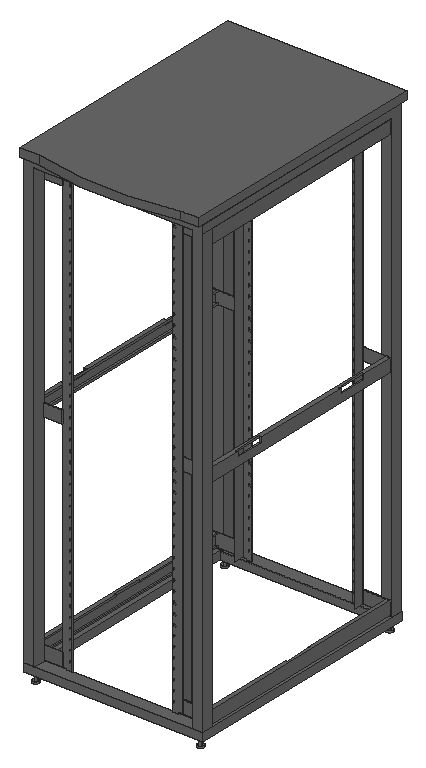
Revit family "V82A-45U-Without Doors-05.04.14", category Electrical Equipment, Revit 2013 (continued)
Lines and regions (mm)
  model lines
    curve 618: line (471.489, 630.074, 2152.227) -> (475.489, 630.074, 2152.227)
    curve 619: line (475.489, 630.074, 2152.227) -> (475.489, 628.074, 2152.227)
    curve 620: line (475.489, 628.074, 2152.227) -> (481.489, 628.074, 2152.227)
    curve 621: line (485.489, 633.074, 2152.227) -> (485.489, 630.074, 2152.227)
    curve 622: line (485.489, 630.074, 2152.227) -> (481.489, 630.074, 2152.227)
    curve 623: line (481.489, 630.074, 2152.227) -> (481.489, 628.074, 2152.227)
    curve 624: line (471.489, 633.074, 2152.227) -> (475.489, 633.074, 2152.227)
    curve 625: line (475.489, 633.074, 2152.227) -> (475.489, 635.074, 2152.227)
    curve 626: line (475.489, 635.074, 2152.227) -> (481.489, 635.074, 2152.227)
    curve 627: line (485.489, 633.074, 2152.227) -> (481.489, 633.074, 2152.227)
    curve 628: line (481.489, 633.074, 2152.227) -> (481.489, 635.074, 2152.227)
    curve 629: line (471.489, 188.074, 2152.227) -> (471.489, 191.074, 2152.227)
    curve 630: line (471.489, 191.074, 2152.227) -> (475.489, 191.074, 2152.227)
    curve 631: line (475.489, 191.074, 2152.227) -> (475.489, 193.074, 2152.227)
    curve 632: line (475.489, 193.074, 2152.227) -> (481.489, 193.074, 2152.227)
    curve 633: line (485.489, 188.074, 2152.227) -> (485.489, 191.074, 2152.227)
    curve 634: line (485.489, 191.074, 2152.227) -> (481.489, 191.074, 2152.227)
    curve 635: line (481.489, 191.074, 2152.227) -> (481.489, 193.074, 2152.227)
    curve 636: line (471.489, 188.074, 2152.227) -> (475.489, 188.074, 2152.227)
    curve 637: line (475.489, 188.074, 2152.227) -> (475.489, 186.074, 2152.227)
    curve 638: line (475.489, 186.074, 2152.227) -> (481.489, 186.074, 2152.227)
    curve 639: line (485.489, 188.074, 2152.227) -> (481.489, 188.074, 2152.227)
    curve 640: line (481.489, 188.074, 2152.227) -> (481.489, 186.074, 2152.227)
    curve 641: line (471.489, 120.074, 2152.227) -> (471.489, 123.074, 2152.227)
    curve 642: line (471.489, 123.074, 2152.227) -> (475.489, 123.074, 2152.227)
    curve 643: line (475.489, 123.074, 2152.227) -> (475.489, 125.074, 2152.227)
    curve 644: line (475.489, 125.074, 2152.227) -> (481.489, 125.074, 2152.227)
    curve 645: line (485.489, 120.074, 2152.227) -> (485.489, 123.074, 2152.227)
    curve 646: line (485.489, 123.074, 2152.227) -> (481.489, 123.074, 2152.227)
    curve 647: line (481.489, 123.074, 2152.227) -> (481.489, 125.074, 2152.227)
    curve 648: line (471.489, 120.074, 2152.227) -> (475.489, 120.074, 2152.227)
    curve 649: line (475.489, 120.074, 2152.227) -> (475.489, 118.074, 2152.227)
    curve 650: line (475.489, 118.074, 2152.227) -> (481.489, 118.074, 2152.227)
    curve 651: line (485.489, 120.074, 2152.227) -> (481.489, 120.074, 2152.227)
    curve 652: line (481.489, 120.074, 2152.227) -> (481.489, 118.074, 2152.227)
    curve 653: line (471.489, 157.074, 2152.227) -> (471.489, 154.074, 2152.227)
    curve 654: line (471.489, 154.074, 2152.227) -> (475.489, 154.074, 2152.227)
    curve 655: line (475.489, 154.074, 2152.227) -> (475.489, 152.074, 2152.227)
    curve 656: line (475.489, 152.074, 2152.227) -> (481.489, 152.074, 2152.227)
    curve 657: line (485.489, 157.074, 2152.227) -> (485.489, 154.074, 2152.227)
    curve 658: line (485.489, 154.074, 2152.227) -> (481.489, 154.074, 2152.227)
    curve 659: line (481.489, 154.074, 2152.227) -> (481.489, 152.074, 2152.227)
    curve 660: line (471.489, 157.074, 2152.227) -> (475.489, 157.074, 2152.227)
    curve 661: line (475.489, 157.074, 2152.227) -> (475.489, 159.074, 2152.227)
    curve 662: line (475.489, 159.074, 2152.227) -> (481.489, 159.074, 2152.227)
    curve 663: line (485.489, 157.074, 2152.227) -> (481.489, 157.074, 2152.227)
    curve 664: line (481.489, 157.074, 2152.227) -> (481.489, 159.074, 2152.227)
    curve 665: line (471.489, 429.074, 2152.227) -> (471.489, 426.074, 2152.227)
    curve 666: line (471.489, 426.074, 2152.227) -> (475.489, 426.074, 2152.227)
    curve 667: line (475.489, 426.074, 2152.227) -> (475.489, 424.074, 2152.227)
    curve 668: line (475.489, 424.074, 2152.227) -> (481.489, 424.074, 2152.227)
    curve 669: line (485.489, 429.074, 2152.227) -> (485.489, 426.074, 2152.227)
    curve 670: line (485.489, 426.074, 2152.227) -> (481.489, 426.074, 2152.227)
    curve 671: line (481.489, 426.074, 2152.227) -> (481.489, 424.074, 2152.227)
    curve 672: line (471.489, 429.074, 2152.227) -> (475.489, 429.074, 2152.227)
    curve 673: line (475.489, 429.074, 2152.227) -> (475.489, 431.074, 2152.227)
    curve 674: line (475.489, 431.074, 2152.227) -> (481.489, 431.074, 2152.227)
    curve 675: line (485.489, 429.074, 2152.227) -> (481.489, 429.074, 2152.227)
    curve 676: line (481.489, 429.074, 2152.227) -> (481.489, 431.074, 2152.227)
    curve 677: line (471.489, 392.074, 2152.227) -> (471.489, 395.074, 2152.227)
    curve 678: line (471.489, 395.074, 2152.227) -> (475.489, 395.074, 2152.227)
    curve 679: line (475.489, 395.074, 2152.227) -> (475.489, 397.074, 2152.227)
    curve 680: line (475.489, 397.074, 2152.227) -> (481.489, 397.074, 2152.227)
    curve 681: line (485.489, 392.074, 2152.227) -> (485.489, 395.074, 2152.227)
    curve 682: line (485.489, 395.074, 2152.227) -> (481.489, 395.074, 2152.227)
    curve 683: line (481.489, 395.074, 2152.227) -> (481.489, 397.074, 2152.227)
    curve 684: line (471.489, 392.074, 2152.227) -> (475.489, 392.074, 2152.227)
    curve 685: line (475.489, 392.074, 2152.227) -> (475.489, 390.074, 2152.227)
    curve 686: line (475.489, 390.074, 2152.227) -> (481.489, 390.074, 2152.227)
    curve 687: line (485.489, 392.074, 2152.227) -> (481.489, 392.074, 2152.227)
    curve 688: line (481.489, 392.074, 2152.227) -> (481.489, 390.074, 2152.227)
    curve 689: line (471.489, 324.074, 2152.227) -> (471.489, 327.074, 2152.227)
    curve 690: line (471.489, 327.074, 2152.227) -> (475.489, 327.074, 2152.227)
    curve 691: line (475.489, 327.074, 2152.227) -> (475.489, 329.074, 2152.227)
    curve 692: line (475.489, 329.074, 2152.227) -> (481.489, 329.074, 2152.227)
    curve 693: line (485.489, 324.074, 2152.227) -> (485.489, 327.074, 2152.227)
    curve 694: line (485.489, 327.074, 2152.227) -> (481.489, 327.074, 2152.227)
    curve 695: line (481.489, 327.074, 2152.227) -> (481.489, 329.074, 2152.227)
    curve 696: line (471.489, 324.074, 2152.227) -> (475.489, 324.074, 2152.227)
    curve 697: line (475.489, 324.074, 2152.227) -> (475.489, 322.074, 2152.227)
    curve 698: line (475.489, 322.074, 2152.227) -> (481.489, 322.074, 2152.227)
    curve 699: line (485.489, 324.074, 2152.227) -> (481.489, 324.074, 2152.227)
    curve 700: line (481.489, 324.074, 2152.227) -> (481.489, 322.074, 2152.227)
    curve 701: line (471.489, 361.074, 2152.227) -> (471.489, 358.074, 2152.227)
    curve 702: line (471.489, 358.074, 2152.227) -> (475.489, 358.074, 2152.227)
    curve 703: line (475.489, 358.074, 2152.227) -> (475.489, 356.074, 2152.227)
    curve 704: line (475.489, 356.074, 2152.227) -> (481.489, 356.074, 2152.227)
    curve 705: line (485.489, 361.074, 2152.227) -> (485.489, 358.074, 2152.227)
    curve 706: line (485.489, 358.074, 2152.227) -> (481.489, 358.074, 2152.227)
    curve 707: line (481.489, 358.074, 2152.227) -> (481.489, 356.074, 2152.227)
    curve 708: line (471.489, 361.074, 2152.227) -> (475.489, 361.074, 2152.227)
    curve 709: line (475.489, 361.074, 2152.227) -> (475.489, 363.074, 2152.227)
    curve 710: line (475.489, 363.074, 2152.227) -> (481.489, 363.074, 2152.227)
    curve 711: line (485.489, 361.074, 2152.227) -> (481.489, 361.074, 2152.227)
    curve 712: line (481.489, 361.074, 2152.227) -> (481.489, 363.074, 2152.227)
    curve 713: line (471.489, 225.074, 2152.227) -> (471.489, 222.074, 2152.227)
    curve 714: line (471.489, 222.074, 2152.227) -> (475.489, 222.074, 2152.227)
    curve 715: line (475.489, 222.074, 2152.227) -> (475.489, 220.074, 2152.227)
    curve 716: line (475.489, 220.074, 2152.227) -> (481.489, 220.074, 2152.227)
    curve 717: line (485.489, 225.074, 2152.227) -> (485.489, 222.074, 2152.227)
    curve 718: line (485.489, 222.074, 2152.227) -> (481.489, 222.074, 2152.227)
    curve 719: line (481.489, 222.074, 2152.227) -> (481.489, 220.074, 2152.227)
    curve 720: line (471.489, 225.074, 2152.227) -> (475.489, 225.074, 2152.227)
    curve 721: line (475.489, 225.074, 2152.227) -> (475.489, 227.074, 2152.227)
    curve 722: line (475.489, 227.074, 2152.227) -> (481.489, 227.074, 2152.227)
    curve 723: line (485.489, 225.074, 2152.227) -> (481.489, 225.074, 2152.227)
    curve 724: line (481.489, 225.074, 2152.227) -> (481.489, 227.074, 2152.227)
    curve 725: line (471.489, 293.074, 2152.227) -> (471.489, 290.074, 2152.227)
    curve 726: line (471.489, 290.074, 2152.227) -> (475.489, 290.074, 2152.227)
    curve 727: line (475.489, 290.074, 2152.227) -> (475.489, 288.074, 2152.227)
    curve 728: line (475.489, 288.074, 2152.227) -> (481.489, 288.074, 2152.227)
    curve 729: line (485.489, 293.074, 2152.227) -> (485.489, 290.074, 2152.227)
    curve 730: line (485.489, 290.074, 2152.227) -> (481.489, 290.074, 2152.227)
    curve 731: line (481.489, 290.074, 2152.227) -> (481.489, 288.074, 2152.227)
    curve 732: line (471.489, 293.074, 2152.227) -> (475.489, 293.074, 2152.227)
    curve 733: line (475.489, 293.074, 2152.227) -> (475.489, 295.074, 2152.227)
    curve 734: line (475.489, 295.074, 2152.227) -> (481.489, 295.074, 2152.227)
    curve 735: line (485.489, 293.074, 2152.227) -> (481.489, 293.074, 2152.227)
    curve 736: line (481.489, 293.074, 2152.227) -> (481.489, 295.074, 2152.227)
    curve 737: line (471.489, 256.074, 2152.227) -> (471.489, 259.074, 2152.227)
    curve 738: line (471.489, 259.074, 2152.227) -> (475.489, 259.074, 2152.227)
    curve 739: line (475.489, 259.074, 2152.227) -> (475.489, 261.074, 2152.227)
    curve 740: line (475.489, 261.074, 2152.227) -> (481.489, 261.074, 2152.227)
    curve 741: line (485.489, 256.074, 2152.227) -> (485.489, 259.074, 2152.227)
    curve 742: line (485.489, 259.074, 2152.227) -> (481.489, 259.074, 2152.227)
    curve 743: line (481.489, 259.074, 2152.227) -> (481.489, 261.074, 2152.227)
    curve 744: line (471.489, 256.074, 2152.227) -> (475.489, 256.074, 2152.227)
    curve 745: line (475.489, 256.074, 2152.227) -> (475.489, 254.074, 2152.227)
    curve 746: line (475.489, 254.074, 2152.227) -> (481.489, 254.074, 2152.227)
    curve 747: line (485.489, 256.074, 2152.227) -> (481.489, 256.074, 2152.227)
    curve 748: line (481.489, 256.074, 2152.227) -> (481.489, 254.074, 2152.227)
    curve 750: line (471.489, 973.074, 2152.227) -> (471.489, 970.074, 2152.227)
    curve 751: line (471.489, 970.074, 2152.227) -> (475.489, 970.074, 2152.227)
    curve 752: line (475.489, 970.074, 2152.227) -> (475.489, 968.074, 2152.227)
    curve 753: line (475.489, 968.074, 2152.227) -> (481.489, 968.074, 2152.227)
    curve 754: line (485.489, 973.074, 2152.227) -> (485.489, 970.074, 2152.227)
    curve 755: line (485.489, 970.074, 2152.227) -> (481.489, 970.074, 2152.227)
    curve 756: line (481.489, 970.074, 2152.227) -> (481.489, 968.074, 2152.227)
    curve 757: line (471.489, 973.074, 2152.227) -> (475.489, 973.074, 2152.227)
    curve 758: line (475.489, 973.074, 2152.227) -> (475.489, 975.074, 2152.227)
    curve 759: line (475.489, 975.074, 2152.227) -> (481.489, 975.074, 2152.227)
    curve 760: line (485.489, 973.074, 2152.227) -> (481.489, 973.074, 2152.227)
    curve 761: line (481.489, 973.074, 2152.227) -> (481.489, 975.074, 2152.227)
    curve 762: line (471.489, 1004.074, 2152.227) -> (471.489, 1007.074, 2152.227)
    curve 763: line (471.489, 1007.074, 2152.227) -> (475.489, 1007.074, 2152.227)
    curve 764: line (475.489, 1007.074, 2152.227) -> (475.489, 1009.074, 2152.227)
    curve 765: line (475.489, 1009.074, 2152.227) -> (481.489, 1009.074, 2152.227)
    curve 766: line (485.489, 1004.074, 2152.227) -> (485.489, 1007.074, 2152.227)
    curve 767: line (485.489, 1007.074, 2152.227) -> (481.489, 1007.074, 2152.227)
    curve 768: line (481.489, 1007.074, 2152.227) -> (481.489, 1009.074, 2152.227)
    curve 769: line (471.489, 1004.074, 2152.227) -> (475.489, 1004.074, 2152.227)
    curve 770: line (475.489, 1004.074, 2152.227) -> (475.489, 1002.074, 2152.227)
    curve 771: line (475.489, 1002.074, 2152.227) -> (481.489, 1002.074, 2152.227)
    curve 772: line (485.489, 1004.074, 2152.227) -> (481.489, 1004.074, 2152.227)
    curve 773: line (481.489, 1004.074, 2152.227) -> (481.489, 1002.074, 2152.227)
    curve 774: line (471.489, 1072.074, 2152.227) -> (471.489, 1075.074, 2152.227)
    curve 775: line (471.489, 1075.074, 2152.227) -> (475.489, 1075.074, 2152.227)
    curve 776: line (475.489, 1075.074, 2152.227) -> (475.489, 1077.074, 2152.227)
    curve 777: line (475.489, 1077.074, 2152.227) -> (481.489, 1077.074, 2152.227)
    curve 778: line (485.489, 1072.074, 2152.227) -> (485.489, 1075.074, 2152.227)
    curve 779: line (485.489, 1075.074, 2152.227) -> (481.489, 1075.074, 2152.227)
    curve 780: line (481.489, 1075.074, 2152.227) -> (481.489, 1077.074, 2152.227)
    curve 781: line (471.489, 1072.074, 2152.227) -> (475.489, 1072.074, 2152.227)
    curve 782: line (475.489, 1072.074, 2152.227) -> (475.489, 1070.074, 2152.227)
    curve 783: line (475.489, 1070.074, 2152.227) -> (481.489, 1070.074, 2152.227)
    curve 784: line (485.489, 1072.074, 2152.227) -> (481.489, 1072.074, 2152.227)
    curve 785: line (481.489, 1072.074, 2152.227) -> (481.489, 1070.074, 2152.227)
    curve 786: line (471.489, 1041.074, 2152.227) -> (471.489, 1038.074, 2152.227)
    curve 787: line (471.489, 1038.074, 2152.227) -> (475.489, 1038.074, 2152.227)
    curve 788: line (475.489, 1038.074, 2152.227) -> (475.489, 1036.074, 2152.227)
    curve 789: line (475.489, 1036.074, 2152.227) -> (481.489, 1036.074, 2152.227)
    curve 790: line (485.489, 1041.074, 2152.227) -> (485.489, 1038.074, 2152.227)
    curve 791: line (485.489, 1038.074, 2152.227) -> (481.489, 1038.074, 2152.227)
    curve 792: line (481.489, 1038.074, 2152.227) -> (481.489, 1036.074, 2152.227)
    curve 793: line (471.489, 1041.074, 2152.227) -> (475.489, 1041.074, 2152.227)
    curve 794: line (475.489, 1041.074, 2152.227) -> (475.489, 1043.074, 2152.227)
    curve 795: line (475.489, 1043.074, 2152.227) -> (481.489, 1043.074, 2152.227)
    curve 796: line (485.489, 1041.074, 2152.227) -> (481.489, 1041.074, 2152.227)
    curve 797: line (481.489, 1041.074, 2152.227) -> (481.489, 1043.074, 2152.227)
    curve 798: line (471.489, 1109.074, 2152.227) -> (471.489, 1106.074, 2152.227)
    curve 799: line (471.489, 1106.074, 2152.227) -> (475.489, 1106.074, 2152.227)
    curve 800: line (475.489, 1106.074, 2152.227) -> (475.489, 1104.074, 2152.227)
    curve 801: line (475.489, 1104.074, 2152.227) -> (481.489, 1104.074, 2152.227)
    curve 802: line (485.489, 1109.074, 2152.227) -> (485.489, 1106.074, 2152.227)
    curve 803: line (485.489, 1106.074, 2152.227) -> (481.489, 1106.074, 2152.227)
    curve 804: line (481.489, 1106.074, 2152.227) -> (481.489, 1104.074, 2152.227)
    curve 805: line (471.489, 1109.074, 2152.227) -> (475.489, 1109.074, 2152.227)
    curve 806: line (475.489, 1109.074, 2152.227) -> (475.489, 1111.074, 2152.227)
    curve 807: line (475.489, 1111.074, 2152.227) -> (481.489, 1111.074, 2152.227)
    curve 808: line (485.489, 1109.074, 2152.227) -> (481.489, 1109.074, 2152.227)
    curve 809: line (481.489, 1109.074, 2152.227) -> (481.489, 1111.074, 2152.227)
    curve 810: line (471.489, 1140.074, 2152.227) -> (471.489, 1143.074, 2152.227)
    curve 811: line (471.489, 1143.074, 2152.227) -> (475.489, 1143.074, 2152.227)
    curve 812: line (475.489, 1143.074, 2152.227) -> (475.489, 1145.074, 2152.227)
    curve 813: line (475.489, 1145.074, 2152.227) -> (481.489, 1145.074, 2152.227)
    curve 814: line (485.489, 1140.074, 2152.227) -> (485.489, 1143.074, 2152.227)
    curve 815: line (485.489, 1143.074, 2152.227) -> (481.489, 1143.074, 2152.227)
    curve 816: line (481.489, 1143.074, 2152.227) -> (481.489, 1145.074, 2152.227)
    curve 817: line (471.489, 1140.074, 2152.227) -> (475.489, 1140.074, 2152.227)
    curve 818: line (475.489, 1140.074, 2152.227) -> (475.489, 1138.074, 2152.227)
    curve 819: line (475.489, 1138.074, 2152.227) -> (481.489, 1138.074, 2152.227)
    curve 820: line (485.489, 1140.074, 2152.227) -> (481.489, 1140.074, 2152.227)
    curve 821: line (481.489, 1140.074, 2152.227) -> (481.489, 1138.074, 2152.227)
    curve 826: arc (-255.64, 595.376, 2152.227) -> (-221.424, 621.802, 2152.227) -> (-187.208, 595.376, 2152.227) r 35.364
    curve 827: arc (-252.64, 595.376, 2152.227) -> (-221.424, 618.787, 2152.227) -> (-190.208, 595.376, 2152.227) r 32.517
    curve 828: arc (-255.64, 215.376, 2152.227) -> (-221.424, 188.949, 2152.227) -> (-187.208, 215.376, 2152.227) r 35.364
    curve 829: arc (-252.64, 215.376, 2152.227) -> (-221.424, 191.965, 2152.227) -> (-190.208, 215.376, 2152.227) r 32.517
    curve 835: arc (458.239, 595.376, 2152.227) -> (424.024, 621.802, 2152.227) -> (389.808, 595.376, 2152.227) r 35.364
    curve 836: arc (455.239, 595.376, 2152.227) -> (424.024, 618.787, 2152.227) -> (392.808, 595.376, 2152.227) r 32.517
    curve 837: arc (458.239, 215.376, 2152.227) -> (424.024, 188.949, 2152.227) -> (389.808, 215.376, 2152.227) r 35.364
    curve 838: arc (455.239, 215.376, 2152.227) -> (424.024, 191.965, 2152.227) -> (392.808, 215.376, 2152.227) r 32.517
Dimensions and locks
  Extrusion 8 to Extrusion 6 = 2150.00 mm
Nested families
  nested 1: "VersaPOD-Frame" at (100.084, 486.862, -7.333), type "VersaPOD-Frame"
  nested 2: "VersaPOD-Frame" at (100.084, 743.863, -7.333), type "VersaPOD-Frame"
  nested 3: "VersaPOD-Frame" at (102.728, 486.862, -7.333) x (-1, 0, 0) z (0, 0, 1), type "VersaPOD-Frame"
  nested 4: "VersaPOD-Frame" at (102.728, 743.863, -7.333) x (-1, 0, 0) z (0, 0, 1), type "VersaPOD-Frame"
  nested 5: "CC-new" at (392.5, 1154.315, 86.081) x (0, 1, 0) z (1, 0, 0), type "CC-new"
  nested 6: "CC-new" at (-189.418, 1154.315, 85.925) x (0, 1, 0) z (-1, 0, 0), type "CC-new"
  nested 7: "CC" at (392.008, 277.47, 1033.723) x (0, -1, 0) z (1, 0, 0), type "CC"
  nested 8: "CC" at (-189.621, 276.22, 1033.723) x (0, -1, 0) z (-1, 0, 0), type "CC"
  nested 9: "CC-new" at (-189.385, 1154.315, 2011.866) x (0, 1, 0) z (-1, 0, 0), type "CC-new"
  nested 10: "CC-new" at (392.297, 1154.315, 2011.846) x (0, 1, 0) z (1, 0, 0), type "CC-new"
Definition of nested family "VersaPOD-Frame"
  Parameters (values of type "VersaPOD-Frame")
    Material = SIEMON STEEL
    Assembly Code = ""
  Reference planes
    plane 1 "Center (Front/Back)": y = 0
    plane 2: z = 0
    plane 3 "Center (Left/Right)": x = 0
  Forms (mm)
    Extrusion 1, solid, material "SIEMON STEEL(1)"
      sketch origin (172.75, 374.529, 83.392) x (-1, 0, 0) y (0, 0, 1)
        loop
          arc (-54.5, 1997.687) -> (-54.765, 1998.538) -> (-55.467, 1999.087) r 1.497
          line (-55.467, 1999.087) -> (-76.055, 1999.087)
          arc (-76.055, 1999.087) -> (-77.079, 1998.664) -> (-77.503, 1997.64) r 1.447
          line (-77.503, 1997.64) -> (-77.503, 1992.25) -> (-97.502, 1992.25) -> (-97.502, 8.219) -> (-77.503, 8.219) -> (-77.503, 2.907)
          arc (-77.503, 2.907) -> (-77.079, 1.883) -> (-76.055, 1.459) r 1.447
          line (-76.055, 1.459) -> (-55.529, 1.459)
          arc (-55.529, 1.459) -> (-54.785, 1.99) -> (-54.5, 2.859) r 1.467
          line (-54.5, 2.859) -> (-54.5, 1997.687)
        loop
          line (-66.648, 1954.997) -> (-66.648, 1945.497) -> (-57.148, 1945.497) -> (-57.148, 1954.997) -> (-66.648, 1954.997)
        loop
          line (-66.648, 1901.097) -> (-57.148, 1901.097) -> (-57.148, 1910.597) -> (-66.648, 1910.597) -> (-66.648, 1901.097)
        loop
          line (-66.648, 1866.197) -> (-66.648, 1856.697) -> (-57.148, 1856.697) -> (-57.148, 1866.197) -> (-66.648, 1866.197)
        loop
          line (-66.648, 1777.397) -> (-66.648, 1767.897) -> (-57.148, 1767.897) -> (-57.148, 1777.397) -> (-66.648, 1777.397)
        loop
          line (-66.648, 1812.297) -> (-57.148, 1812.297) -> (-57.148, 1821.797) -> (-66.648, 1821.797) -> (-66.648, 1812.297)
        loop
          line (-66.648, 1599.797) -> (-66.648, 1590.297) -> (-57.148, 1590.297) -> (-57.148, 1599.797) -> (-66.648, 1599.797)
        loop
          line (-66.648, 1634.697) -> (-57.148, 1634.697) -> (-57.148, 1644.197) -> (-66.648, 1644.197) -> (-66.648, 1634.697)
        loop
          line (-66.648, 1723.497) -> (-57.148, 1723.497) -> (-57.148, 1732.997) -> (-66.648, 1732.997) -> (-66.648, 1723.497)
        loop
          line (-66.648, 1688.597) -> (-66.648, 1679.097) -> (-57.148, 1679.097) -> (-57.148, 1688.597) -> (-66.648, 1688.597)
        loop
          line (-66.648, 1244.597) -> (-66.648, 1235.097) -> (-57.148, 1235.097) -> (-57.148, 1244.597) -> (-66.648, 1244.597)
        loop
          line (-66.648, 1279.497) -> (-57.148, 1279.497) -> (-57.148, 1288.997) -> (-66.648, 1288.997) -> (-66.648, 1279.497)
        loop
          line (-66.648, 1368.297) -> (-57.148, 1368.297) -> (-57.148, 1377.797) -> (-66.648, 1377.797) -> (-66.648, 1368.297)
        loop
          line (-66.648, 1333.397) -> (-66.648, 1323.897) -> (-57.148, 1323.897) -> (-57.148, 1333.397) -> (-66.648, 1333.397)
        loop
          line (-66.648, 1545.897) -> (-57.148, 1545.897) -> (-57.148, 1555.397) -> (-66.648, 1555.397) -> (-66.648, 1545.897)
        loop
          line (-66.648, 1510.997) -> (-66.648, 1501.497) -> (-57.148, 1501.497) -> (-57.148, 1510.997) -> (-66.648, 1510.997)
        loop
          line (-66.648, 1422.197) -> (-66.648, 1412.697) -> (-57.148, 1412.697) -> (-57.148, 1422.197) -> (-66.648, 1422.197)
        loop
          line (-66.648, 1457.097) -> (-57.148, 1457.097) -> (-57.148, 1466.597) -> (-66.648, 1466.597) -> (-66.648, 1457.097)
        loop
          line (-66.648, 534.197) -> (-66.648, 524.697) -> (-57.148, 524.697) -> (-57.148, 534.197) -> (-66.648, 534.197)
        loop
          line (-66.648, 569.097) -> (-57.148, 569.097) -> (-57.148, 578.597) -> (-66.648, 578.597) -> (-66.648, 569.097)
        loop
          line (-66.648, 657.897) -> (-57.148, 657.897) -> (-57.148, 667.397) -> (-66.648, 667.397) -> (-66.648, 657.897)
        loop
          line (-66.648, 622.997) -> (-66.648, 613.497) -> (-57.148, 613.497) -> (-57.148, 622.997) -> (-66.648, 622.997)
        loop
          line (-66.648, 835.497) -> (-57.148, 835.497) -> (-57.148, 844.997) -> (-66.648, 844.997) -> (-66.648, 835.497)
        loop
          line (-66.648, 800.597) -> (-66.648, 791.097) -> (-57.148, 791.097) -> (-57.148, 800.597) -> (-66.648, 800.597)
        loop
          line (-66.648, 711.797) -> (-66.648, 702.297) -> (-57.148, 702.297) -> (-57.148, 711.797) -> (-66.648, 711.797)
        loop
          line (-66.648, 746.697) -> (-57.148, 746.697) -> (-57.148, 756.197) -> (-66.648, 756.197) -> (-66.648, 746.697)
        loop
          line (-66.648, 1190.697) -> (-57.148, 1190.697) -> (-57.148, 1200.197) -> (-66.648, 1200.197) -> (-66.648, 1190.697)
        loop
          line (-66.648, 1155.797) -> (-66.648, 1146.297) -> (-57.148, 1146.297) -> (-57.148, 1155.797) -> (-66.648, 1155.797)
        loop
          line (-66.648, 1066.997) -> (-66.648, 1057.497) -> (-57.148, 1057.497) -> (-57.148, 1066.997) -> (-66.648, 1066.997)
        loop
          line (-66.648, 1101.897) -> (-57.148, 1101.897) -> (-57.148, 1111.397) -> (-66.648, 1111.397) -> (-66.648, 1101.897)
        loop
          line (-66.648, 889.397) -> (-66.648, 879.897) -> (-57.148, 879.897) -> (-57.148, 889.397) -> (-66.648, 889.397)
        loop
          line (-66.648, 924.297) -> (-57.148, 924.297) -> (-57.148, 933.797) -> (-66.648, 933.797) -> (-66.648, 924.297)
        loop
          line (-66.648, 1013.097) -> (-57.148, 1013.097) -> (-57.148, 1022.597) -> (-66.648, 1022.597) -> (-66.648, 1013.097)
        loop
          line (-66.648, 978.197) -> (-66.648, 968.697) -> (-57.148, 968.697) -> (-57.148, 978.197) -> (-66.648, 978.197)
        loop
          line (-66.648, 480.297) -> (-57.148, 480.297) -> (-57.148, 489.797) -> (-66.648, 489.797) -> (-66.648, 480.297)
        loop
          line (-66.648, 445.397) -> (-66.648, 435.897) -> (-57.148, 435.897) -> (-57.148, 445.397) -> (-66.648, 445.397)
        loop
          line (-66.648, 356.597) -> (-66.648, 347.097) -> (-57.148, 347.097) -> (-57.148, 356.597) -> (-66.648, 356.597)
        loop
          line (-66.648, 391.497) -> (-57.148, 391.497) -> (-57.148, 400.997) -> (-66.648, 400.997) -> (-66.648, 391.497)
        loop
          line (-66.648, 178.997) -> (-66.648, 169.497) -> (-57.148, 169.497) -> (-57.148, 178.997) -> (-66.648, 178.997)
        loop
          line (-66.648, 213.897) -> (-57.148, 213.897) -> (-57.148, 223.397) -> (-66.648, 223.397) -> (-66.648, 213.897)
        loop
          line (-66.648, 302.697) -> (-57.148, 302.697) -> (-57.148, 312.197) -> (-66.648, 312.197) -> (-66.648, 302.697)
        loop
          line (-66.648, 267.797) -> (-66.648, 258.297) -> (-57.148, 258.297) -> (-57.148, 267.797) -> (-66.648, 267.797)
        loop
          line (-66.648, 125.097) -> (-57.148, 125.097) -> (-57.148, 134.597) -> (-66.648, 134.597) -> (-66.648, 125.097)
        loop
          line (-66.648, 90.197) -> (-66.648, 80.697) -> (-57.148, 80.697) -> (-57.148, 90.197) -> (-66.648, 90.197)
        loop
          line (-66.648, 36.297) -> (-57.148, 36.297) -> (-57.148, 45.797) -> (-66.648, 45.797) -> (-66.648, 36.297)
        loop
          line (-66.648, 1997.2) -> (-66.648, 1987.7) -> (-57.148, 1987.7) -> (-57.148, 1997.2) -> (-66.648, 1997.2)
      from -2 to 0
    Extrusion 2, solid, material "SIEMON STEEL(1)"
      sketch origin (268.253, 275.026, 83.392) x (0, -1, 0) y (0, 0, 1)
        loop
          line (-97.502, 1992.25) -> (-97.502, 8.219) -> (-54.5, 8.219) -> (-54.5, 1992.25) -> (-97.502, 1992.25)
      from -2 to 0
  Lines and regions (mm)
    model lines
      curve 1: line (270.253, 332.174, 1993.911) -> (270.253, 341.674, 1993.911)
      curve 2: line (270.253, 332.174, 1984.411) -> (270.253, 332.174, 1993.911)
      curve 3: line (270.253, 341.674, 1984.411) -> (270.253, 332.174, 1984.411)
      curve 4: line (270.253, 341.674, 1993.911) -> (270.253, 341.674, 1984.411)
      curve 5: line (270.253, 332.174, 1772.269) -> (270.253, 341.674, 1772.269)
      curve 6: line (270.253, 332.174, 1762.769) -> (270.253, 332.174, 1772.269)
      curve 7: line (270.253, 341.674, 1762.769) -> (270.253, 332.174, 1762.769)
      curve 8: line (270.253, 341.674, 1772.269) -> (270.253, 341.674, 1762.769)
      curve 9: line (270.253, 332.174, 1727.988) -> (270.253, 341.674, 1727.988)
      curve 10: line (270.253, 332.174, 1718.488) -> (270.253, 332.174, 1727.988)
      curve 11: line (270.253, 341.674, 1718.488) -> (270.253, 332.174, 1718.488)
      curve 12: line (270.253, 341.674, 1727.988) -> (270.253, 341.674, 1718.488)
      curve 13: line (270.253, 332.174, 1683.588) -> (270.253, 341.674, 1683.588)
      curve 14: line (270.253, 332.174, 1674.088) -> (270.253, 332.174, 1683.588)
      curve 15: line (270.253, 341.674, 1674.088) -> (270.253, 332.174, 1674.088)
      curve 16: line (270.253, 341.674, 1683.588) -> (270.253, 341.674, 1674.088)
      curve 17: line (270.253, 332.174, 1461.827) -> (270.253, 341.674, 1461.827)
      curve 18: line (270.253, 332.174, 1452.327) -> (270.253, 332.174, 1461.827)
      curve 19: line (270.253, 341.674, 1452.327) -> (270.253, 332.174, 1452.327)
      curve 20: line (270.253, 341.674, 1461.827) -> (270.253, 341.674, 1452.327)
      curve 21: line (270.253, 332.174, 1417.547) -> (270.253, 341.674, 1417.547)
      curve 22: line (270.253, 332.174, 1408.047) -> (270.253, 332.174, 1417.547)
      curve 23: line (270.253, 341.674, 1408.047) -> (270.253, 332.174, 1408.047)
      curve 24: line (270.253, 341.674, 1417.547) -> (270.253, 341.674, 1408.047)
      curve 25: line (270.253, 332.174, 1373.147) -> (270.253, 341.674, 1373.147)
      curve 26: line (270.253, 332.174, 1363.647) -> (270.253, 332.174, 1373.147)
      curve 27: line (270.253, 341.674, 1363.647) -> (270.253, 332.174, 1363.647)
      curve 28: line (270.253, 341.674, 1373.147) -> (270.253, 341.674, 1363.647)
      curve 29: line (270.253, 332.174, 1151.505) -> (270.253, 341.674, 1151.505)
      curve 30: line (270.253, 332.174, 1142.005) -> (270.253, 332.174, 1151.505)
      curve 31: line (270.253, 341.674, 1142.005) -> (270.253, 332.174, 1142.005)
      curve 32: line (270.253, 341.674, 1151.505) -> (270.253, 341.674, 1142.005)
      curve 33: line (270.253, 332.174, 1107.224) -> (270.253, 341.674, 1107.224)
      curve 34: line (270.253, 332.174, 1097.724) -> (270.253, 332.174, 1107.224)
      curve 35: line (270.253, 341.674, 1097.724) -> (270.253, 332.174, 1097.724)
      curve 36: line (270.253, 341.674, 1107.224) -> (270.253, 341.674, 1097.724)
      curve 37: line (270.253, 332.174, 1062.824) -> (270.253, 341.674, 1062.824)
      curve 38: line (270.253, 332.174, 1053.324) -> (270.253, 332.174, 1062.824)
      curve 39: line (270.253, 341.674, 1053.324) -> (270.253, 332.174, 1053.324)
      curve 40: line (270.253, 341.674, 1062.824) -> (270.253, 341.674, 1053.324)
      curve 41: line (270.253, 332.174, 841.068) -> (270.253, 341.674, 841.068)
      curve 42: line (270.253, 332.174, 831.568) -> (270.253, 332.174, 841.068)
      curve 43: line (270.253, 341.674, 831.568) -> (270.253, 332.174, 831.568)
      curve 44: line (270.253, 341.674, 841.068) -> (270.253, 341.674, 831.568)
      curve 45: line (270.253, 332.174, 796.787) -> (270.253, 341.674, 796.787)
      curve 46: line (270.253, 332.174, 787.287) -> (270.253, 332.174, 796.787)
      curve 47: line (270.253, 341.674, 787.287) -> (270.253, 332.174, 787.287)
      curve 48: line (270.253, 341.674, 796.787) -> (270.253, 341.674, 787.287)
      curve 49: line (270.253, 332.174, 752.387) -> (270.253, 341.674, 752.387)
      curve 50: line (270.253, 332.174, 742.887) -> (270.253, 332.174, 752.387)
      curve 51: line (270.253, 341.674, 742.887) -> (270.253, 332.174, 742.887)
      curve 52: line (270.253, 341.674, 752.387) -> (270.253, 341.674, 742.887)
      curve 53: line (270.253, 332.174, 530.746) -> (270.253, 341.674, 530.746)
      curve 54: line (270.253, 332.174, 521.246) -> (270.253, 332.174, 530.746)
      curve 55: line (270.253, 341.674, 521.246) -> (270.253, 332.174, 521.246)
      curve 56: line (270.253, 341.674, 530.746) -> (270.253, 341.674, 521.246)
      curve 57: line (270.253, 332.174, 486.465) -> (270.253, 341.674, 486.465)
      curve 58: line (270.253, 332.174, 476.965) -> (270.253, 332.174, 486.465)
      curve 59: line (270.253, 341.674, 476.965) -> (270.253, 332.174, 476.965)
      curve 60: line (270.253, 341.674, 486.465) -> (270.253, 341.674, 476.965)
      curve 61: line (270.253, 332.174, 442.065) -> (270.253, 341.674, 442.065)
      curve 62: line (270.253, 332.174, 432.565) -> (270.253, 332.174, 442.065)
      curve 63: line (270.253, 341.674, 432.565) -> (270.253, 332.174, 432.565)
      curve 64: line (270.253, 341.674, 442.065) -> (270.253, 341.674, 432.565)
      curve 65: line (270.253, 332.174, 220.304) -> (270.253, 341.674, 220.304)
      curve 66: line (270.253, 332.174, 210.804) -> (270.253, 332.174, 220.304)
      curve 67: line (270.253, 341.674, 210.804) -> (270.253, 332.174, 210.804)
      curve 68: line (270.253, 341.674, 220.304) -> (270.253, 341.674, 210.804)
      curve 69: line (270.253, 332.174, 1949.63) -> (270.253, 341.674, 1949.63)
      curve 70: line (270.253, 332.174, 1940.13) -> (270.253, 332.174, 1949.63)
      curve 71: line (270.253, 341.674, 1940.13) -> (270.253, 332.174, 1940.13)
      curve 72: line (270.253, 341.674, 1949.63) -> (270.253, 341.674, 1940.13)
      curve 73: line (270.253, 332.174, 1905.23) -> (270.253, 341.674, 1905.23)
      curve 74: line (270.253, 332.174, 1895.73) -> (270.253, 332.174, 1905.23)
      curve 75: line (270.253, 341.674, 1895.73) -> (270.253, 332.174, 1895.73)
      curve 76: line (270.253, 341.674, 1905.23) -> (270.253, 341.674, 1895.73)
      curve 77: line (270.253, 332.174, 1860.95) -> (270.253, 341.674, 1860.95)
      curve 78: line (270.253, 332.174, 1851.45) -> (270.253, 332.174, 1860.95)
      curve 79: line (270.253, 341.674, 1851.45) -> (270.253, 332.174, 1851.45)
      curve 80: line (270.253, 341.674, 1860.95) -> (270.253, 341.674, 1851.45)
      curve 81: line (270.253, 332.174, 1816.55) -> (270.253, 341.674, 1816.55)
      curve 82: line (270.253, 332.174, 1807.05) -> (270.253, 332.174, 1816.55)
      curve 83: line (270.253, 341.674, 1807.05) -> (270.253, 332.174, 1807.05)
      curve 84: line (270.253, 341.674, 1816.55) -> (270.253, 341.674, 1807.05)
      curve 85: line (270.253, 332.174, 1639.308) -> (270.253, 341.674, 1639.308)
      curve 86: line (270.253, 332.174, 1629.808) -> (270.253, 332.174, 1639.308)
      curve 87: line (270.253, 341.674, 1629.808) -> (270.253, 332.174, 1629.808)
      curve 88: line (270.253, 341.674, 1639.308) -> (270.253, 341.674, 1629.808)
      curve 89: line (270.253, 332.174, 1594.908) -> (270.253, 341.674, 1594.908)
      curve 90: line (270.253, 332.174, 1585.408) -> (270.253, 332.174, 1594.908)
      curve 91: line (270.253, 341.674, 1585.408) -> (270.253, 332.174, 1585.408)
      curve 92: line (270.253, 341.674, 1594.908) -> (270.253, 341.674, 1585.408)
      curve 93: line (270.253, 332.174, 1550.627) -> (270.253, 341.674, 1550.627)
      curve 94: line (270.253, 332.174, 1541.127) -> (270.253, 332.174, 1550.627)
      curve 95: line (270.253, 341.674, 1541.127) -> (270.253, 332.174, 1541.127)
      curve 96: line (270.253, 341.674, 1550.627) -> (270.253, 341.674, 1541.127)
      curve 97: line (270.253, 332.174, 1506.227) -> (270.253, 341.674, 1506.227)
      curve 98: line (270.253, 332.174, 1496.727) -> (270.253, 332.174, 1506.227)
      curve 99: line (270.253, 341.674, 1496.727) -> (270.253, 332.174, 1496.727)
      curve 100: line (270.253, 341.674, 1506.227) -> (270.253, 341.674, 1496.727)
      curve 101: line (270.253, 332.174, 1328.866) -> (270.253, 341.674, 1328.866)
      curve 102: line (270.253, 332.174, 1319.366) -> (270.253, 332.174, 1328.866)
      curve 103: line (270.253, 341.674, 1319.366) -> (270.253, 332.174, 1319.366)
      curve 104: line (270.253, 341.674, 1328.866) -> (270.253, 341.674, 1319.366)
      curve 105: line (270.253, 332.174, 1284.466) -> (270.253, 341.674, 1284.466)
      curve 106: line (270.253, 332.174, 1274.966) -> (270.253, 332.174, 1284.466)
      curve 107: line (270.253, 341.674, 1274.966) -> (270.253, 332.174, 1274.966)
      curve 108: line (270.253, 341.674, 1284.466) -> (270.253, 341.674, 1274.966)
      curve 109: line (270.253, 332.174, 1240.185) -> (270.253, 341.674, 1240.185)
      curve 110: line (270.253, 332.174, 1230.685) -> (270.253, 332.174, 1240.185)
      curve 111: line (270.253, 341.674, 1230.685) -> (270.253, 332.174, 1230.685)
      curve 112: line (270.253, 341.674, 1240.185) -> (270.253, 341.674, 1230.685)
      curve 113: line (270.253, 332.174, 1195.785) -> (270.253, 341.674, 1195.785)
      curve 114: line (270.253, 332.174, 1186.285) -> (270.253, 332.174, 1195.785)
      curve 115: line (270.253, 341.674, 1186.285) -> (270.253, 332.174, 1186.285)
      curve 116: line (270.253, 341.674, 1195.785) -> (270.253, 341.674, 1186.285)
      curve 117: line (270.253, 332.174, 1018.543) -> (270.253, 341.674, 1018.543)
      curve 118: line (270.253, 332.174, 1009.043) -> (270.253, 332.174, 1018.543)
      curve 119: line (270.253, 341.674, 1009.043) -> (270.253, 332.174, 1009.043)
      curve 120: line (270.253, 341.674, 1018.543) -> (270.253, 341.674, 1009.043)
      curve 121: line (270.253, 332.174, 974.143) -> (270.253, 341.674, 974.143)
      curve 122: line (270.253, 332.174, 964.643) -> (270.253, 332.174, 974.143)
      curve 123: line (270.253, 341.674, 964.643) -> (270.253, 332.174, 964.643)
      curve 124: line (270.253, 341.674, 974.143) -> (270.253, 341.674, 964.643)
      curve 125: line (270.253, 332.174, 929.863) -> (270.253, 341.674, 929.863)
      curve 126: line (270.253, 332.174, 920.363) -> (270.253, 332.174, 929.863)
      curve 127: line (270.253, 341.674, 920.363) -> (270.253, 332.174, 920.363)
      curve 128: line (270.253, 341.674, 929.863) -> (270.253, 341.674, 920.363)
      curve 129: line (270.253, 332.174, 885.463) -> (270.253, 341.674, 885.463)
      curve 130: line (270.253, 332.174, 875.963) -> (270.253, 332.174, 885.463)
      curve 131: line (270.253, 341.674, 875.963) -> (270.253, 332.174, 875.963)
      curve 132: line (270.253, 341.674, 885.463) -> (270.253, 341.674, 875.963)
      curve 133: line (270.253, 332.174, 708.107) -> (270.253, 341.674, 708.107)
      curve 134: line (270.253, 332.174, 698.607) -> (270.253, 332.174, 708.107)
      curve 135: line (270.253, 341.674, 698.607) -> (270.253, 332.174, 698.607)
      curve 136: line (270.253, 341.674, 708.107) -> (270.253, 341.674, 698.607)
      curve 137: line (270.253, 332.174, 663.707) -> (270.253, 341.674, 663.707)
      curve 138: line (270.253, 332.174, 654.207) -> (270.253, 332.174, 663.707)
      curve 139: line (270.253, 341.674, 654.207) -> (270.253, 332.174, 654.207)
      curve 140: line (270.253, 341.674, 663.707) -> (270.253, 341.674, 654.207)
      curve 141: line (270.253, 332.174, 619.426) -> (270.253, 341.674, 619.426)
      curve 142: line (270.253, 332.174, 609.926) -> (270.253, 332.174, 619.426)
      curve 143: line (270.253, 341.674, 609.926) -> (270.253, 332.174, 609.926)
      curve 144: line (270.253, 341.674, 619.426) -> (270.253, 341.674, 609.926)
      curve 145: line (270.253, 332.174, 575.026) -> (270.253, 341.674, 575.026)
      curve 146: line (270.253, 332.174, 565.526) -> (270.253, 332.174, 575.026)
      curve 147: line (270.253, 341.674, 565.526) -> (270.253, 332.174, 565.526)
      curve 148: line (270.253, 341.674, 575.026) -> (270.253, 341.674, 565.526)
      curve 149: line (270.253, 332.174, 397.784) -> (270.253, 341.674, 397.784)
      curve 150: line (270.253, 332.174, 388.284) -> (270.253, 332.174, 397.784)
      curve 151: line (270.253, 341.674, 388.284) -> (270.253, 332.174, 388.284)
      curve 152: line (270.253, 341.674, 397.784) -> (270.253, 341.674, 388.284)
      curve 153: line (270.253, 332.174, 353.384) -> (270.253, 341.674, 353.384)
      curve 154: line (270.253, 332.174, 343.884) -> (270.253, 332.174, 353.384)
      curve 155: line (270.253, 341.674, 343.884) -> (270.253, 332.174, 343.884)
      curve 156: line (270.253, 341.674, 353.384) -> (270.253, 341.674, 343.884)
      curve 157: line (270.253, 332.174, 309.104) -> (270.253, 341.674, 309.104)
      curve 158: line (270.253, 332.174, 299.604) -> (270.253, 332.174, 309.104)
      curve 159: line (270.253, 341.674, 299.604) -> (270.253, 332.174, 299.604)
      curve 160: line (270.253, 341.674, 309.104) -> (270.253, 341.674, 299.604)
      curve 161: line (270.253, 332.174, 264.704) -> (270.253, 341.674, 264.704)
      curve 162: line (270.253, 332.174, 255.204) -> (270.253, 332.174, 264.704)
      curve 163: line (270.253, 341.674, 255.204) -> (270.253, 332.174, 255.204)
      curve 164: line (270.253, 341.674, 264.704) -> (270.253, 341.674, 255.204)
      curve 165: line (250.221, 374.974, 2075.627) -> (250.221, 374.974, 91.446)
Definition of nested family "CC-new"
  Parameters (values of type "CC-new")
    Default Elevation = 1219.20 mm
  Reference planes
    plane 1 "Center (Front/Back)": y = 0
    plane 2: z = 0
    plane 3 "Center (Left/Right)": x = 0
  Forms (mm)
    Extrusion 1, solid
      sketch origin (0, 0, 0) x (1, 0, 0) y (0, 1, 0)
        loop
          line (-1219.2, 1219.2) -> (-1219.2, -1219.2) -> (1219.2, -1219.2) -> (1219.2, 1219.2) -> (-1219.2, 1219.2)
      from 0 to -304.8
    Extrusion 2, solid, material "SIEMON STEEL"
      sketch origin (-341.312, 0, 0) x (0, 1, 0) y (0, 0, 1)
        loop
          line (-1.769, 105.31) -> (-1.769, 87.225) -> (4.384, 87.225) -> (4.384, 98.86) -> (50.113, 98.86) -> (50.113, 87.225) -> (56.463, 87.225) -> (56.463, 105.31) -> (-1.769, 105.31)
      from -701.37 to 304.8
    Extrusion 3, void
      sketch origin (-102.5, 39.375, 0) x (1, 0, 0) y (0, 1, 0)
        loop
          line (-371.933, 10.738) -> (-371.933, 17.084) -> (-503.314, 17.084) -> (-503.314, 10.738) -> (-371.933, 10.738)
      from 87.225 to 92.572
    Extrusion 4, solid, material "SIEMON STEEL"
      sketch origin (0, 0, 0) x (0, 1, 0) y (0, 0, 1)
        loop
          line (-1.769, 105.31) -> (-1.769, -21.985) -> (56.463, -21.985) -> (56.463, 105.31) -> (-1.769, 105.31)
      from -36.513 to -38.674
    Extrusion 5, solid, material "SIEMON STEEL"
      sketch origin (-1079.195, 0, 0) x (0, 1, 0) y (0, 0, -1)
        loop
          line (-1.769, -105.31) -> (56.463, -105.31) -> (56.463, 21.985) -> (-1.769, 21.985) -> (-1.769, -105.31)
      from -36.513 to -38.319
  Cuts and joins
    Extrusion 3 cuts Extrusion 2
  Lines and regions (mm)
    model lines
      curve 1: circle (-35, 42.213, 20.705) r 3 normal (1, 0, 0)
      curve 2: circle (-35, 12.481, 20.705) r 3 normal (-1, 0, 0)
      curve 3: circle (-1044.302, 42.213, 20.705) r 3 normal (1, 0, 0)
      curve 4: circle (-1044.302, 12.481, 20.705) r 3 normal (-1, 0, 0)
  Dimensions and locks
    Extrusion 3 sketch curve to cut or joined group of Extrusion 2, Extrusion 3 = 437.92 mm
    cut or joined group of Extrusion 2, Extrusion 3 to Extrusion 3 sketch curve = 436.868 mm
    aligned and locked: plane 2 to Extrusion 1
    aligned and locked: level to Extrusion 1
Definition of nested family "CC"
  Parameters (values of type "CC")
    Default Elevation = 1219.20 mm
  Reference planes
    plane 1 "Center (Front/Back)": y = 0
    plane 2: z = 0
    plane 3 "Center (Left/Right)": x = 0
  Forms (mm)
    Extrusion 1, solid
      sketch origin (0, 0, 0) x (1, 0, 0) y (0, 1, 0)
        loop
          line (-1219.2, 1219.2) -> (-1219.2, -1219.2) -> (1219.2, -1219.2) -> (1219.2, 1219.2) -> (-1219.2, 1219.2)
      from 0 to -304.8
    Extrusion 2, solid, material "SIEMON STEEL"
      sketch origin (-341.312, 0, 0) x (0, 1, 0) y (0, 0, 1)
        loop
          line (22.606, 105.31) -> (22.606, 87.225) -> (28.759, 87.225) -> (28.759, 98.86) -> (74.488, 98.86) -> (74.488, 87.225) -> (80.838, 87.225) -> (80.838, 105.31) -> (22.606, 105.31)
      from -499.089 to 507.075
    Extrusion 3, void
      sketch origin (0, 0, 0) x (1, 0, 0) y (0, 1, 0)
        loop
          line (15.7, 57.606) -> (15.7, 80.838) -> (-115.681, 80.838) -> (-115.681, 57.606) -> (15.7, 57.606)
        loop
          line (-558.62, 57.714) -> (-558.62, 80.838) -> (-690.354, 80.838) -> (-690.354, 57.714) -> (-558.62, 57.714)
      from 94.663 to 105.31
    Extrusion 4, solid, material "SIEMON STEEL"
      sketch origin (-876.919, 0, 0.039) x (0, 1, 0) y (0, 0, -1)
        loop
          line (80.838, -105.271) -> (80.838, 22.025) -> (22.606, 22.025) -> (22.606, -105.271) -> (80.838, -105.271)
      from -36.513 to -38.285
    Extrusion 5, solid, material "SIEMON STEEL"
      sketch origin (202.275, 0, 0.039) x (0, 1, 0) y (0, 0, 1)
        loop
          line (80.838, 105.265) -> (22.606, 105.265) -> (22.606, -22.025) -> (80.838, -22.025) -> (80.838, 105.265)
      from -36.513 to -38.285
  Cuts and joins
    Extrusion 3 cuts Extrusion 2
  Lines and regions (mm)
    model lines
      curve 1: circle (-841.914, 66.588, 20.84) r 3 normal (1, 0, 0)
      curve 2: circle (-841.914, 36.856, 20.84) r 3 normal (-1, 0, 0)
      curve 3: circle (166.886, 66.588, 20.84) r 3 normal (1, 0, 0)
      curve 4: circle (166.886, 36.856, 20.84) r 3 normal (-1, 0, 0)
  Dimensions and locks
    cut or joined group of Extrusion 2, Extrusion 3 to cut or joined group of Extrusion 2, Extrusion 3 = 58.232 mm
    aligned and locked: plane 2 to Extrusion 1
    aligned and locked: level to Extrusion 1
